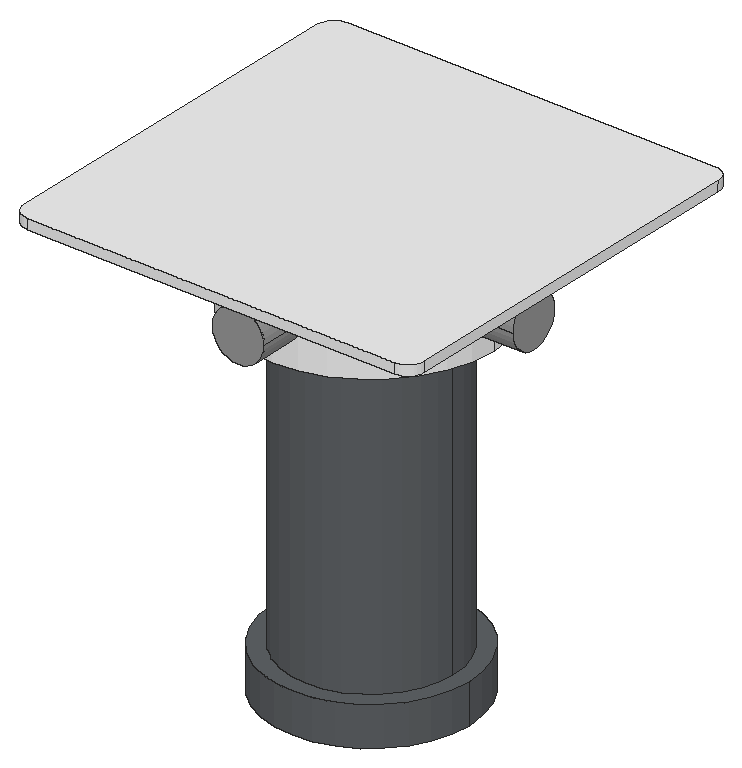
Revit family "KEUCO_59556000170_", category Generic Models, Revit 2016
Family settings
  Part Type = Normal
  Can host rebar = No
  Round Connector Dimension = Use Diameter
  Work Plane-Based = Yes
  Always vertical = No
  Cut with Voids When Loaded = No
  Shared = No
  Room Calculation Point = No
Parameters (values of type "59556000170")
  Verwendung = "DU / WA / ZU"  # constant formula
  Preisgruppe = ""
  Kategorie = "ARM\r\nARM\r\nARM"
  Gewicht = 0
  Breite = 45 mm
  URL = "https://www.keuco.com/de/produkte/sortiment/artikel/?pid=59556&oid=12&pgo=9&country=de&lang=de&vid=59556000170"
  Materialien bei Hersteller anfragen = "Anfrage zu:  objektmanagement@keuco.de"
  Description = "Grundkörper für Wandeinbau,\r\nEinbautiefe 80 - 110 mm"
  Default Elevation = 1219.2 mm
  Serie = "Plan"  # constant formula
  Material = Stahl, verchromt
  Manufacturer = "KEUCO"  # constant formula
  Assembly Code = ""
  Ausschreibungstext = "KEUCO IXMO UP Funktionseinheit für 2-Wege Umstellventil \r\nmit Schlauchanschluss DN15, 59556000170\r\nschallentkoppelter Grundkörper aus entzinkungsarmen Messing\r\nfür den Wandeinbau, frei positionierbar,\r\neigensicher gegen Rückfließen, Einbautiefe 80 – 110 mm,\r\nGrundplatte mit Einstellschrauben zur optimalen Ausrichtung,\r\nAnschlüsse G 1/2 Zoll mit farblicher Kennzeichnung\r\nHinweis: passend zu Artikel-Nr. \r\n59556010101, 59556010102, 59556010201\r\n59556010202, 59557010101, 59557010102\r\n59557010201, 59557010202, 59556011101\r\n59556011102, 59556011201, 59556011202\r\n59557011101, 59557011102, 59557011201\r\n59557011202"
  Artikelnummer = "59556000170"
Reference planes
  plane 1 "Center (Front/Back)": y = 0
  plane 2: z = 0
  plane 3 "Center (Left/Right)": x = 0
Forms (mm)
  Extrusion 1, solid, material "Stahl, verchromt" <- "Material"
    sketch origin (0, 16.5, -23) x (1, 0, 0) y (0, 1, 0)
      loop
        circle (0.019, -16.484) r 37.5
    from -7 to 20
  Extrusion 2, solid, material "Stahl, verchromt" <- "Material"
    sketch origin (0, 16.5, 0) x (0, 1, 0) y (-1, 0, 0)
      loop
        arc (44.5, 56) -> (43.036, 59.536) -> (39.5, 61) r 5
        line (39.5, 61) -> (-72.5, 61)
        arc (-72.5, 61) -> (-76.036, 59.536) -> (-77.5, 56) r 5
        line (-77.5, 56) -> (-77.5, -56)
        arc (-77.5, -56) -> (-76.036, -59.536) -> (-72.5, -61) r 5
        line (-72.5, -61) -> (39.5, -61)
        arc (39.5, -61) -> (43.036, -59.536) -> (44.5, -56) r 5
        line (44.5, -56) -> (44.5, 56)
    from 0 to -3
  Extrusion 3, solid, material "Schwarzgrau"
    sketch origin (0, 16.5, -145) x (0, 1, 0) y (-1, 0, 0)
      loop
        circle (-16.5, 0) r 25
    from 21.987 to 115
  Extrusion 4, solid, material "Brass, Soft Yellow, Welded"
    sketch origin (-0.559, -10.617, -32.959) x (1, 0, 0) y (0, 0, 1)
      loop
        circle (0, 15.638) r 7.801
    from 25.751 to 39.383
  Extrusion 5, solid, material "Schwarzgrau"
    sketch origin (0, 16.5, -170) x (0, 1, 0) y (-1, 0, 0)
      loop
        circle (-16.5, 0) r 30
    from 46.987 to 35
  Extrusion 6, solid, material "Brass, Soft Yellow, Welded"
    sketch origin (10.617, -0.559, -32.959) x (0, 1, 0) y (0, 0, 1)
      loop
        circle (0, 15.638) r 7.801
    from 25.751 to 39.383
  Extrusion 7, solid, material "Brass, Soft Yellow, Welded"
    sketch origin (-0.559, 10.617, -32.959) x (1, 0, 0) y (0, 0, -1)
      loop
        circle (0, -15.638) r 7.801
    from 25.751 to 39.383
Dimensions and locks
  Extrusion 1 to Extrusion 1 = 27 mm
  aligned and locked: level to plane 2
